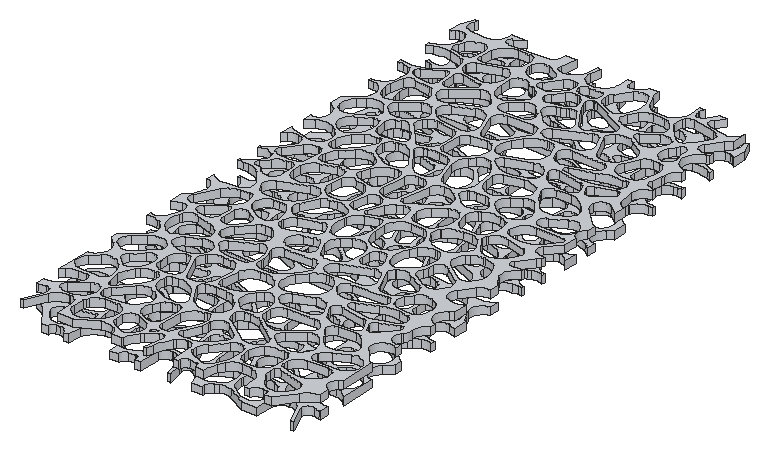
Revit family "Fam4", category Generic Models, Revit 2021 (continued)
Forms (mm)
  Extrusion 2, solid, material <- "Material"
    sketch origin (-50371.083, 4143.12, 500) x (-1, 0, 0) y (0, -1, 0)
      loop
        line (-52650.485, -1193.384) -> (-53447.662, -1565.114)
        arc (-53447.662, -1565.114) -> (-53505.79, -1630.816) -> (-53497.382, -1718.137) r 110
        line (-53497.382, -1718.137) -> (-53468.02, -1771.107)
        arc (-53468.02, -1771.107) -> (-53357.994, -1880.74) -> (-53206.466, -1914.864) r 280
        line (-53206.466, -1914.864) -> (-52084.927, -1848.014)
      loop
        arc (-50748.208, -1640.947) -> (-50820.756, -1868.718) -> (-50742.939, -2094.743) r 380
        line (-50742.939, -2094.743) -> (-50702.382, -2147.922)
        arc (-50702.382, -2147.922) -> (-50573.724, -2250.809) -> (-50411.801, -2281.139) r 340
        line (-50411.801, -2281.139) -> (-49518.315, -2227.881)
        arc (-49518.315, -2227.881) -> (-49342.423, -2120.902) -> (-49332.018, -1915.295) r 220
        line (-49332.018, -1915.295) -> (-49406.476, -1755.618)
        arc (-49406.476, -1755.618) -> (-49450.971, -1613.11) -> (-49456.232, -1463.909) r 560
        line (-49456.232, -1463.909) -> (-49443.608, -1336.099)
        arc (-49443.608, -1336.099) -> (-49526.543, -1088.007) -> (-49766.859, -984.682) r 320
        line (-49766.859, -984.682) -> (-49876.92, -986.333)
        arc (-49876.92, -986.333) -> (-50233.447, -1076.182) -> (-50512.131, -1316.015) r 800
        line (-50512.131, -1316.015) -> (-50748.208, -1640.947)
      loop
        arc (-49344.33, -1348.33) -> (-49335.687, -1593.446) -> (-49262.588, -1827.568) r 920
        line (-49262.588, -1827.568) -> (-49223.681, -1911.003)
        arc (-49223.681, -1911.003) -> (-49055.903, -2059.139) -> (-48833.182, -2037.014) r 280
        line (-48833.182, -2037.014) -> (-48124.791, -1640.604)
        arc (-48124.791, -1640.604) -> (-48016.182, -1490.162) -> (-48061.252, -1310.169) r 220
        line (-48061.252, -1310.169) -> (-48115.297, -1243.43)
        arc (-48115.297, -1243.43) -> (-48326.562, -1073.707) -> (-48589.125, -1006.628) r 640
        line (-48589.125, -1006.628) -> (-49026.105, -990.541)
        arc (-49026.105, -990.541) -> (-49234.455, -1064.356) -> (-49335.689, -1260.85) r 300
        line (-49335.689, -1260.85) -> (-49344.33, -1348.33)
      loop
        arc (-48543.602, -908.236) -> (-48325.419, -862.183) -> (-48154.53, -718.929) r 460
        line (-48154.53, -718.929) -> (-48115.325, -664.967)
        arc (-48115.325, -664.967) -> (-48048.228, -487.869) -> (-48080.3, -301.222) r 360
        line (-48080.3, -301.222) -> (-48450.104, 491.826)
        arc (-48450.104, 491.826) -> (-48534.262, 579.899) -> (-48654.61, 598.761) r 190
        line (-48654.61, 598.761) -> (-48721.501, 587.219)
        arc (-48721.501, 587.219) -> (-48833.309, 558.111) -> (-48938.692, 510.755) r 690
        line (-48938.692, 510.755) -> (-49008.403, 472.114)
        arc (-49008.403, 472.114) -> (-49134.692, 355.006) -> (-49192.128, 192.636) r 360
        line (-49192.128, 192.636) -> (-49245.845, -351.217)
        arc (-49245.845, -351.217) -> (-49124.902, -729.217) -> (-48766.661, -900.024) r 500
        line (-48766.661, -900.024) -> (-48543.602, -908.236)
      loop
        arc (-47929.356, 705.714) -> (-48203.459, 555.337) -> (-48223.907, 243.364) r 325
        line (-48223.907, 243.364) -> (-47992.146, -253.649)
        arc (-47992.146, -253.649) -> (-47872.157, -376.63) -> (-47701.663, -397.918) r 260
        line (-47701.663, -397.918) -> (-47699.727, -397.5)
        arc (-47699.727, -397.5) -> (-47465.46, -248.303) -> (-47384.82, 17.475) r 400
        line (-47384.82, 17.475) -> (-47403.567, 329.69)
        arc (-47403.567, 329.69) -> (-47528.613, 596.91) -> (-47802.848, 705.714) r 400
        line (-47802.848, 705.714) -> (-47929.356, 705.714)
      loop
        arc (-49791.143, -885.035) -> (-49499.865, -768.918) -> (-49359.874, -488.333) r 440
        line (-49359.874, -488.333) -> (-49302.914, 88.362)
        arc (-49302.914, 88.362) -> (-49365.804, 284.922) -> (-49552.09, 373.742) r 260
        line (-49552.09, 373.742) -> (-49611.862, 375.942)
        arc (-49611.862, 375.942) -> (-49941.839, 319.724) -> (-50221.857, 136.325) r 820
        line (-50221.857, 136.325) -> (-50484.596, -126.414)
        arc (-50484.596, -126.414) -> (-50589.544, -362.131) -> (-50509.81, -607.528) r 360
        line (-50509.81, -607.528) -> (-50462.751, -665.64)
        arc (-50462.751, -665.64) -> (-50250.701, -831.522) -> (-49987.462, -887.981) r 600
        line (-49987.462, -887.981) -> (-49791.143, -885.035)
      loop
        arc (-51179.776, 382.707) -> (-51153.391, 229.156) -> (-51077.264, 93.219) r 460
        line (-51077.264, 93.219) -> (-50958.802, -53.068)
        arc (-50958.802, -53.068) -> (-50770.351, -149.089) -> (-50572.896, -73.293) r 260
        line (-50572.896, -73.293) -> (-50427.437, 72.166)
        arc (-50427.437, 72.166) -> (-50275.133, 439.862) -> (-50427.437, 807.557) r 520
        line (-50427.437, 807.557) -> (-50523.018, 903.138)
        arc (-50523.018, 903.138) -> (-50608.905, 956.249) -> (-50709.473, 965.395) r 220
        line (-50709.473, 965.395) -> (-50990.667, 925.516)
        arc (-50990.667, 925.516) -> (-51125.903, 851.925) -> (-51179.776, 707.696) r 220
        line (-51179.776, 707.696) -> (-51179.776, 382.707)
      loop
        arc (-51583.029, 233.662) -> (-51367.657, 332.95) -> (-51279.776, 553.223) r 320
        line (-51279.776, 553.223) -> (-51279.776, 743.391)
        arc (-51279.776, 743.391) -> (-51316.834, 897.748) -> (-51419.929, 1018.457) r 340
        line (-51419.929, 1018.457) -> (-51743.302, 1253.401)
        arc (-51743.302, 1253.401) -> (-51964.328, 1322.032) -> (-52181.46, 1241.928) r 360
        line (-52181.46, 1241.928) -> (-52835.768, 712.079)
        arc (-52835.768, 712.079) -> (-52915.435, 569.823) -> (-52875.301, 411.795) r 220
        line (-52875.301, 411.795) -> (-52850.032, 377.014)
        arc (-52850.032, 377.014) -> (-52675.919, 232.206) -> (-52453.81, 188.026) r 460
        line (-52453.81, 188.026) -> (-51583.029, 233.662)
      loop
        arc (-53475.571, 1588.593) -> (-53511.206, 1381.207) -> (-53436.655, 1184.432) r 400
        line (-53436.655, 1184.432) -> (-53267.468, 951.566)
        arc (-53267.468, 951.566) -> (-53036.782, 814.322) -> (-52778.434, 887.184) r 340
        line (-52778.434, 887.184) -> (-52334.122, 1246.981)
        arc (-52334.122, 1246.981) -> (-52230.427, 1471.911) -> (-52345.751, 1691.106) r 280
        line (-52345.751, 1691.106) -> (-52490.576, 1796.328)
        arc (-52490.576, 1796.328) -> (-52631.98, 1874.603) -> (-52788.168, 1916.164) r 660
        line (-52788.168, 1916.164) -> (-52895.592, 1931.008)
        arc (-52895.592, 1931.008) -> (-53227.725, 1870.356) -> (-53458.918, 1624.306) r 540
        line (-53458.918, 1624.306) -> (-53475.571, 1588.593)
      loop
        arc (-53431.688, 1007.465) -> (-53681.21, 1175.769) -> (-53980.539, 1144.309) r 440
        line (-53980.539, 1144.309) -> (-54290.277, 993.239)
        arc (-54290.277, 993.239) -> (-54430.138, 815.827) -> (-54378.359, 595.929) r 260
        line (-54378.359, 595.929) -> (-54104.991, 258.348)
        arc (-54104.991, 258.348) -> (-53964.235, 150.342) -> (-53789.788, 118.01) r 380
        line (-53789.788, 118.01) -> (-53226.934, 147.508)
        arc (-53226.934, 147.508) -> (-53039.879, 272.494) -> (-53060.464, 496.52) r 220
        line (-53060.464, 496.52) -> (-53431.688, 1007.465)
      loop
        arc (-46659.577, -3962.082) -> (-46410.275, -3867.519) -> (-46232.962, -3668.386) r 560
        line (-46232.962, -3668.386) -> (-45874.367, -2991.41)
        arc (-45874.367, -2991.41) -> (-45927.562, -2699.195) -> (-46224.109, -2682.472) r 240
        line (-46224.109, -2682.472) -> (-47005.695, -3229.745)
        arc (-47005.695, -3229.745) -> (-47176.307, -3445.322) -> (-47200.634, -3719.166) r 480
        line (-47200.634, -3719.166) -> (-47183.309, -3803.83)
        arc (-47183.309, -3803.83) -> (-47088.291, -3950.573) -> (-46918.933, -3993.927) r 240
        line (-46918.933, -3993.927) -> (-46659.577, -3962.082)
      loop
        arc (-47676.622, -4086.96) -> (-47392.926, -3878.971) -> (-47421.995, -3528.403) r 360
        arc (-47421.995, -3528.403) -> (-47588.343, -3336.973) -> (-47796.079, -3191.497) r 1040
        line (-47796.079, -3191.497) -> (-47933.475, -3118.443)
        arc (-47933.475, -3118.443) -> (-48291.263, -3142.367) -> (-48428.624, -3473.603) r 340
        arc (-48428.624, -3473.603) -> (-48383.66, -3667.493) -> (-48313.748, -3853.846) r 1520
        arc (-48313.748, -3853.846) -> (-48128.39, -4056.209) -> (-47859.165, -4109.373) r 440
        line (-47859.165, -4109.373) -> (-47676.622, -4086.96)
      loop
        arc (-46454.986, -2722.057) -> (-46371.94, -2528.384) -> (-46508.437, -2367.841) r 200
        line (-46508.437, -2367.841) -> (-46710.59, -2302.79)
        arc (-46710.59, -2302.79) -> (-46997.071, -2348.788) -> (-47128.613, -2607.407) r 320
        line (-47128.613, -2607.407) -> (-47128.613, -3001.637)
        arc (-47128.613, -3001.637) -> (-47074.788, -3090.338) -> (-46971.255, -3083.553) r 100
        line (-46971.255, -3083.553) -> (-46454.986, -2722.057)
      loop
        arc (-47581.286, -3192.448) -> (-47345.004, -3186.26) -> (-47228.613, -2980.54) r 240
        line (-47228.613, -2980.54) -> (-47228.613, -2560.511)
        arc (-47228.613, -2560.511) -> (-47395.437, -2317.78) -> (-47681.831, -2386.537) r 260
        line (-47681.831, -2386.537) -> (-47900.188, -2629.047)
        arc (-47900.188, -2629.047) -> (-47967.853, -2865.025) -> (-47823.559, -3063.629) r 280
        line (-47823.559, -3063.629) -> (-47581.286, -3192.448)
      loop
        arc (-46241.131, -1946.664) -> (-46212.58, -1511.066) -> (-46422.548, -1128.345) r 780
        line (-46422.548, -1128.345) -> (-46457.195, -1093.698)
        arc (-46457.195, -1093.698) -> (-46612.736, -1014.924) -> (-46784.736, -1043.461) r 280
        line (-46784.736, -1043.461) -> (-47504.939, -1419.338)
        arc (-47504.939, -1419.338) -> (-47618.563, -1569.685) -> (-47574.122, -1752.824) r 220
        line (-47574.122, -1752.824) -> (-47518.606, -1821.38)
        arc (-47518.606, -1821.38) -> (-47374.508, -1954.393) -> (-47198.444, -2040.754) r 680
        line (-47198.444, -2040.754) -> (-46665.486, -2212.254)
        arc (-46665.486, -2212.254) -> (-46426.777, -2195.052) -> (-46266.761, -2017.084) r 320
        line (-46266.761, -2017.084) -> (-46241.131, -1946.664)
      loop
        arc (-47113.287, -570.941) -> (-47334.491, -472.659) -> (-47576.545, -473.221) r 580
        line (-47576.545, -473.221) -> (-47716.95, -503.519)
        arc (-47716.95, -503.519) -> (-47884.45, -573.355) -> (-48015.991, -698.376) r 500
        line (-48015.991, -698.376) -> (-48048.464, -743.071)
        arc (-48048.464, -743.071) -> (-48117.094, -964.097) -> (-48036.99, -1181.229) r 360
        line (-48036.99, -1181.229) -> (-48023.789, -1197.532)
        arc (-48023.789, -1197.532) -> (-47782.701, -1344.461) -> (-47503.061, -1305.557) r 420
        line (-47503.061, -1305.557) -> (-47117.083, -1104.114)
        arc (-47117.083, -1104.114) -> (-46956.701, -860.232) -> (-47079.552, -595.451) r 300
        line (-47079.552, -595.451) -> (-47113.287, -570.941)
      loop
        arc (-45954.656, -265.796) -> (-45831.057, -6.664) -> (-45936.279, 260.458) r 360
        line (-45936.279, 260.458) -> (-45978.987, 303.166)
        arc (-45978.987, 303.166) -> (-46275.972, 426.181) -> (-46572.957, 303.166) r 420
        line (-46572.957, 303.166) -> (-47003.2, -127.077)
        arc (-47003.2, -127.077) -> (-47084.347, -347.035) -> (-46969.79, -551.591) r 280
        line (-46969.79, -551.591) -> (-46930.542, -580.106)
        arc (-46930.542, -580.106) -> (-46602.212, -678.922) -> (-46283.743, -551.866) r 520
        line (-46283.743, -551.866) -> (-45954.656, -265.796)
      loop
        arc (-47305.832, 370.406) -> (-47125.682, 125.406) -> (-46828.345, 189.199) r 280
        line (-46828.345, 189.199) -> (-46516.388, 501.156)
        arc (-46516.388, 501.156) -> (-46446.094, 670.862) -> (-46516.388, 840.567) r 240
        line (-46516.388, 840.567) -> (-46686.094, 1010.273)
        arc (-46686.094, 1010.273) -> (-46869.942, 1086.425) -> (-47053.789, 1010.273) r 260
        line (-47053.789, 1010.273) -> (-47092.439, 971.623)
        arc (-47092.439, 971.623) -> (-47261.034, 710.924) -> (-47307.85, 404.009) r 740
        line (-47307.85, 404.009) -> (-47305.832, 370.406)
      loop
        arc (-45755.603, 1261.942) -> (-45668.893, 1697.858) -> (-46038.445, 1944.784) r 400
        line (-46038.445, 1944.784) -> (-46618.651, 1944.784)
        arc (-46618.651, 1944.784) -> (-46836.524, 1840.658) -> (-46892.351, 1605.723) r 280
        line (-46892.351, 1605.723) -> (-46860.207, 1456.759)
        arc (-46860.207, 1456.759) -> (-46802.542, 1301.561) -> (-46703.378, 1168.979) r 580
        line (-46703.378, 1168.979) -> (-46558.815, 1024.415)
        arc (-46558.815, 1024.415) -> (-46275.972, 907.258) -> (-45993.129, 1024.415) r 400
        line (-45993.129, 1024.415) -> (-45755.603, 1261.942)
      loop
        arc (-47119.209, 2465.903) -> (-46942.235, 2291.991) -> (-46699.994, 2345.695) r 260
        line (-46699.994, 2345.695) -> (-46230.725, 2753.624)
        arc (-46230.725, 2753.624) -> (-46168.816, 2889.758) -> (-46231.158, 3025.695) r 180
        line (-46231.158, 3025.695) -> (-46274.806, 3063.394)
        arc (-46274.806, 3063.394) -> (-46332.744, 3097.677) -> (-46399, 3109.604) r 190
        line (-46399, 3109.604) -> (-46667.325, 3109.604)
        arc (-46667.325, 3109.604) -> (-47053.176, 2915.118) -> (-47126.351, 2489.265) r 480
        line (-47126.351, 2489.265) -> (-47119.209, 2465.903)
      loop
        arc (-47139.703, 3573.649) -> (-47336.688, 3918.301) -> (-47733.627, 3923.497) r 400
        line (-47733.627, 3923.497) -> (-47988.401, 3782.273)
        arc (-47988.401, 3782.273) -> (-48242.083, 3531.394) -> (-48328.127, 3185.14) r 660
        line (-48328.127, 3185.14) -> (-48326.118, 3118.513)
        arc (-48326.118, 3118.513) -> (-48205.468, 2860.305) -> (-47934.906, 2770.729) r 360
        line (-47934.906, 2770.729) -> (-47541.882, 2805.114)
        arc (-47541.882, 2805.114) -> (-47337.586, 2879.472) -> (-47197.839, 3046.016) r 420
        line (-47197.839, 3046.016) -> (-47162.189, 3122.467)
        arc (-47162.189, 3122.467) -> (-47145.392, 3171.949) -> (-47139.703, 3223.895) r 240
        line (-47139.703, 3223.895) -> (-47139.703, 3573.649)
      loop
        arc (-47260.564, 2586.224) -> (-47332.044, 2682.823) -> (-47448.386, 2712.912) r 180
        line (-47448.386, 2712.912) -> (-48052.693, 2660.042)
        arc (-48052.693, 2660.042) -> (-48295.771, 2577.528) -> (-48473.283, 2392.097) r 540
        line (-48473.283, 2392.097) -> (-48537.194, 2281.4)
        arc (-48537.194, 2281.4) -> (-48572.528, 1940.454) -> (-48342.063, 1686.726) r 420
        line (-48342.063, 1686.726) -> (-48194.896, 1622.224)
        arc (-48194.896, 1622.224) -> (-47950.025, 1597.564) -> (-47737.066, 1720.928) r 400
        line (-47737.066, 1720.928) -> (-47289.858, 2217.602)
        arc (-47289.858, 2217.602) -> (-47224.576, 2344.356) -> (-47230.174, 2486.823) r 280
        line (-47230.174, 2486.823) -> (-47260.564, 2586.224)
      loop
        line (-47075.889, 1982.179) -> (-47098.072, 2054.737)
        arc (-47098.072, 2054.737) -> (-47172.058, 2123.129) -> (-47268.017, 2092.413) r 100
        line (-47268.017, 2092.413) -> (-47732.448, 1576.609)
        arc (-47732.448, 1576.609) -> (-47844.516, 1410.462) -> (-47906.445, 1219.862) r 720
        line (-47906.445, 1219.862) -> (-47925.665, 1110.863)
        arc (-47925.665, 1110.863) -> (-47868.786, 898.59) -> (-47669.615, 805.714) r 260
        line (-47669.615, 805.714) -> (-47606.876, 805.714)
        arc (-47606.876, 805.714) -> (-47415.534, 843.775) -> (-47253.323, 952.161) r 500
        line (-47253.323, 952.161) -> (-47155.77, 1049.713)
        arc (-47155.77, 1049.713) -> (-47004.48, 1304.457) -> (-46993.534, 1600.538) r 600
        line (-46993.534, 1600.538) -> (-47075.889, 1982.179)
      loop
        arc (-48179.174, 782.276) -> (-48104.166, 821.061) -> (-48065.107, 895.927) r 140
        line (-48065.107, 895.927) -> (-48052.569, 967.028)
        arc (-48052.569, 967.028) -> (-48112.441, 1341.523) -> (-48390.93, 1598.961) r 580
        line (-48390.93, 1598.961) -> (-48721.45, 1743.825)
        arc (-48721.45, 1743.825) -> (-48852.304, 1780.199) -> (-48988.109, 1778.464) r 480
        line (-48988.109, 1778.464) -> (-49107.11, 1759.903)
        arc (-49107.11, 1759.903) -> (-49287.992, 1623.434) -> (-49274.675, 1397.237) r 240
        line (-49274.675, 1397.237) -> (-49076.655, 1074.568)
        arc (-49076.655, 1074.568) -> (-48768.51, 802.906) -> (-48361.018, 750.899) r 700
        line (-48361.018, 750.899) -> (-48179.174, 782.276)
      loop
        arc (-49087.921, 542.372) -> (-49001.103, 654.031) -> (-49021.772, 793.953) r 180
        line (-49021.772, 793.953) -> (-49340.324, 1313.024)
        arc (-49340.324, 1313.024) -> (-49626.017, 1566.949) -> (-50004.555, 1619.925) r 660
        line (-50004.555, 1619.925) -> (-50095.076, 1605.806)
        arc (-50095.076, 1605.806) -> (-50445.572, 1307.523) -> (-50338.395, 859.936) r 440
        line (-50338.395, 859.936) -> (-50128.667, 650.209)
        arc (-50128.667, 650.209) -> (-49950.323, 528.655) -> (-49739.883, 480.723) r 580
        line (-49739.883, 480.723) -> (-49388.582, 467.79)
        arc (-49388.582, 467.79) -> (-49237.765, 482.76) -> (-49096.486, 537.624) r 560
        line (-49096.486, 537.624) -> (-49087.921, 542.372)
      loop
        arc (-49073.31, 2959.129) -> (-49317.1, 2946.353) -> (-49442.834, 2737.096) r 260
        line (-49442.834, 2737.096) -> (-49476.414, 2096.355)
        arc (-49476.414, 2096.355) -> (-49397.544, 1905.629) -> (-49199.756, 1846.661) r 240
        line (-49199.756, 1846.661) -> (-49035.077, 1872.347)
        arc (-49035.077, 1872.347) -> (-48895.226, 1927.856) -> (-48793.026, 2038.285) r 340
        line (-48793.026, 2038.285) -> (-48673.689, 2244.984)
        arc (-48673.689, 2244.984) -> (-48635.104, 2597.294) -> (-48868.788, 2863.759) r 440
        line (-48868.788, 2863.759) -> (-49073.31, 2959.129)
      loop
        arc (-50908.077, 1811.378) -> (-50616.38, 1788.421) -> (-50463.498, 2037.903) r 280
        line (-50463.498, 2037.903) -> (-50463.498, 2096.052)
        arc (-50463.498, 2096.052) -> (-50452.001, 2201.025) -> (-50418.057, 2301.021) r 485
        line (-50418.057, 2301.021) -> (-50177.372, 2817.172)
        arc (-50177.372, 2817.172) -> (-50192.826, 3013.534) -> (-50369.101, 3101.421) r 200
        line (-50369.101, 3101.421) -> (-50587.622, 3089.969)
        arc (-50587.622, 3089.969) -> (-50912.853, 3007.371) -> (-51181.718, 2806.6) r 860
        line (-51181.718, 2806.6) -> (-51392.276, 2572.751)
        arc (-51392.276, 2572.751) -> (-51467.689, 2340.653) -> (-51345.668, 2129.307) r 300
        line (-51345.668, 2129.307) -> (-50908.077, 1811.378)
      loop
        arc (-49534.337, 2901.84) -> (-49598.472, 3068.917) -> (-49765.55, 3133.052) r 220
        line (-49765.55, 3133.052) -> (-49815.593, 3130.429)
        arc (-49815.593, 3130.429) -> (-49906.827, 3099.903) -> (-49969.308, 3026.747) r 180
        line (-49969.308, 3026.747) -> (-50298.382, 2321.046)
        arc (-50298.382, 2321.046) -> (-50347.023, 2177.752) -> (-50363.498, 2027.326) r 695
        line (-50363.498, 2027.326) -> (-50363.498, 1945.484)
        arc (-50363.498, 1945.484) -> (-50279.58, 1763.17) -> (-50086.511, 1708.351) r 240
        line (-50086.511, 1708.351) -> (-50009.909, 1720.299)
        arc (-50009.909, 1720.299) -> (-49704.021, 1885.685) -> (-49570.759, 2206.872) r 520
        line (-49570.759, 2206.872) -> (-49534.337, 2901.84)
      loop
        arc (-49268.58, 3693.595) -> (-49368.552, 3376.523) -> (-49166.164, 3112.766) r 360
        line (-49166.164, 3112.766) -> (-48797.916, 2941.049)
        arc (-48797.916, 2941.049) -> (-48545.05, 2959.537) -> (-48428.153, 3184.522) r 260
        line (-48428.153, 3184.522) -> (-48436.585, 3464.253)
        arc (-48436.585, 3464.253) -> (-48467.638, 3570.483) -> (-48546.485, 3648.15) r 220
        line (-48546.485, 3648.15) -> (-48873.6, 3837.01)
        arc (-48873.6, 3837.01) -> (-49024.926, 3867.111) -> (-49163.305, 3798.869) r 240
        line (-49163.305, 3798.869) -> (-49268.58, 3693.595)
      loop
        arc (-49707.146, 3308.819) -> (-49719.494, 3263.369) -> (-49680.025, 3237.671) r 40
        line (-49680.025, 3237.671) -> (-49608.74, 3241.407)
        arc (-49608.74, 3241.407) -> (-49544.802, 3270.883) -> (-49518.712, 3336.277) r 95
        line (-49518.712, 3336.277) -> (-49518.712, 3355.764)
        arc (-49518.712, 3355.764) -> (-49547.082, 3400.843) -> (-49599.998, 3394.767) r 50
        line (-49599.998, 3394.767) -> (-49707.146, 3308.819)
      loop
        arc (-51145.084, 2996.733) -> (-51049.866, 3152.115) -> (-51016.657, 3331.299) r 500
        line (-51016.657, 3331.299) -> (-51016.657, 3442.055)
        arc (-51016.657, 3442.055) -> (-51047.978, 3549.515) -> (-51132.133, 3623.317) r 200
        line (-51132.133, 3623.317) -> (-51581.295, 3832.765)
        arc (-51581.295, 3832.765) -> (-51764.809, 3840.777) -> (-51900.238, 3716.679) r 240
        line (-51900.238, 3716.679) -> (-52000.003, 3502.732)
        arc (-52000.003, 3502.732) -> (-52100.775, 3178.193) -> (-52111.152, 2838.528) r 1260
        line (-52111.152, 2838.528) -> (-52100.189, 2734.215)
        arc (-52100.189, 2734.215) -> (-51880.827, 2463.326) -> (-51544.135, 2553.542) r 320
        line (-51544.135, 2553.542) -> (-51145.084, 2996.733)
      loop
        arc (-51615.878, 2202.018) -> (-51712.389, 2252.795) -> (-51819.348, 2274.071) r 380
        line (-51819.348, 2274.071) -> (-51965.012, 2281.705)
        arc (-51965.012, 2281.705) -> (-52085.327, 2266.007) -> (-52192.158, 2208.483) r 335
        line (-52192.158, 2208.483) -> (-52216.3, 2189.117)
        arc (-52216.3, 2189.117) -> (-52328.502, 1947.943) -> (-52204.923, 1712.395) r 300
        line (-52204.923, 1712.395) -> (-51413.232, 1137.198)
        arc (-51413.232, 1137.198) -> (-51205.349, 1040.34) -> (-50976.313, 1028.553) r 600
        line (-50976.313, 1028.553) -> (-50817.743, 1051.041)
        arc (-50817.743, 1051.041) -> (-50699.127, 1121.111) -> (-50664.8, 1254.532) r 180
        line (-50664.8, 1254.532) -> (-50685.124, 1397.841)
        arc (-50685.124, 1397.841) -> (-50730.429, 1525.396) -> (-50821.909, 1625.166) r 340
        line (-50821.909, 1625.166) -> (-51615.878, 2202.018)
      loop
        arc (-52374.479, 2190.433) -> (-52225.839, 2388.048) -> (-52190.072, 2632.725) r 500
        line (-52190.072, 2632.725) -> (-52210.5, 2827.075)
        arc (-52210.5, 2827.075) -> (-52325.746, 3061.952) -> (-52565.505, 3166.663) r 380
        line (-52565.505, 3166.663) -> (-52766.313, 3178.793)
        arc (-52766.313, 3178.793) -> (-53085.956, 3067.749) -> (-53232.241, 2762.622) r 440
        line (-53232.241, 2762.622) -> (-53255.34, 2321.87)
        arc (-53255.34, 2321.87) -> (-53196.128, 2142.651) -> (-53031.287, 2050.71) r 260
        line (-53031.287, 2050.71) -> (-52926.771, 2036.267)
        arc (-52926.771, 2036.267) -> (-52636.608, 2055.452) -> (-52377.7, 2187.849) r 720
        line (-52377.7, 2187.849) -> (-52374.479, 2190.433)
      loop
        arc (-53614.663, 3700.332) -> (-53955.529, 3885.407) -> (-54302.646, 3712.34) r 420
        line (-54302.646, 3712.34) -> (-54453.358, 3504.903)
        arc (-54453.358, 3504.903) -> (-54489.443, 3269.176) -> (-54318.215, 3103.192) r 260
        line (-54318.215, 3103.192) -> (-53476.708, 2848.93)
        arc (-53476.708, 2848.93) -> (-53373.009, 2865.616) -> (-53322.164, 2957.521) r 120
        line (-53322.164, 2957.521) -> (-53314.484, 3104.057)
        arc (-53314.484, 3104.057) -> (-53329.184, 3238.278) -> (-53385.713, 3360.899) r 420
        line (-53385.713, 3360.899) -> (-53614.663, 3700.332)
      loop
        arc (-53709.432, 2069.825) -> (-53460.619, 2180.603) -> (-53349.841, 2429.416) r 380
        line (-53349.841, 2429.416) -> (-53343.77, 2545.248)
        arc (-53343.77, 2545.248) -> (-53379.854, 2670.699) -> (-53485.649, 2747.167) r 200
        line (-53485.649, 2747.167) -> (-53798.764, 2841.775)
        arc (-53798.764, 2841.775) -> (-54171.687, 2850.623) -> (-54496.203, 2666.669) r 700
        line (-54496.203, 2666.669) -> (-54616.947, 2545.925)
        arc (-54616.947, 2545.925) -> (-54678.879, 2211.772) -> (-54389.114, 2034.204) r 300
        line (-54389.114, 2034.204) -> (-53709.432, 2069.825)
      loop
        arc (-50701.692, -13178.367) -> (-50604.463, -13311.381) -> (-50456.113, -13383.064) r 340
        line (-50456.113, -13383.064) -> (-50366.651, -13401.702)
        arc (-50366.651, -13401.702) -> (-50205.116, -13390.726) -> (-50072.809, -13297.402) r 300
        line (-50072.809, -13297.402) -> (-49821.912, -12989.194)
        arc (-49821.912, -12989.194) -> (-49774.764, -12894.1) -> (-49773.241, -12787.971) r 240
        line (-49773.241, -12787.971) -> (-49779.154, -12760.042)
        arc (-49779.154, -12760.042) -> (-49877.343, -12619.324) -> (-50046.73, -12591.925) r 220
        line (-50046.73, -12591.925) -> (-50423.468, -12684.217)
        arc (-50423.468, -12684.217) -> (-50519.656, -12717.475) -> (-50608.069, -12767.887) r 550
        line (-50608.069, -12767.887) -> (-50680.278, -12818.449)
        arc (-50680.278, -12818.449) -> (-50757.398, -12925.717) -> (-50750.811, -13057.665) r 200
        line (-50750.811, -13057.665) -> (-50701.692, -13178.367)
      loop
        arc (-54611.283, -690.383) -> (-54621.924, -864.362) -> (-54454.798, -913.867) r 140
        line (-54454.798, -913.867) -> (-53904.883, -691.688)
        arc (-53904.883, -691.688) -> (-53791.276, -573.012) -> (-53804.881, -409.289) r 200
        line (-53804.881, -409.289) -> (-53893.372, -249.648)
        arc (-53893.372, -249.648) -> (-54030.427, -158.07) -> (-54184.569, -216.47) r 180
        line (-54184.569, -216.47) -> (-54611.283, -690.383)
      loop
        arc (-54557.074, -7312.761) -> (-54944.131, -7813.694) -> (-54361.741, -8061.824) r 400
        line (-54361.741, -8061.824) -> (-53893.235, -7799.652)
        arc (-53893.235, -7799.652) -> (-53768.615, -7507.155) -> (-54020.202, -7312.761) r 260
        line (-54020.202, -7312.761) -> (-54557.074, -7312.761)
      loop
        arc (-53501.085, -6653.379) -> (-53566.983, -6521.208) -> (-53694.235, -6446.25) r 260
        line (-53694.235, -6446.25) -> (-53953.051, -6381.72)
        arc (-53953.051, -6381.72) -> (-54349.727, -6395.573) -> (-54678.786, -6617.526) r 720
        line (-54678.786, -6617.526) -> (-54985.263, -6982.771)
        arc (-54985.263, -6982.771) -> (-55004.9, -7131.928) -> (-54878.017, -7212.761) r 140
        line (-54878.017, -7212.761) -> (-53950.657, -7212.761)
        arc (-53950.657, -7212.761) -> (-53598.277, -7048.444) -> (-53497.646, -6672.883) r 460
        line (-53497.646, -6672.883) -> (-53501.085, -6653.379)
      loop
        arc (-54638.868, 1926.555) -> (-55041.825, 1376.991) -> (-54422.957, 1091.688) r 440
        line (-54422.957, 1091.688) -> (-53955.393, 1319.735)
        arc (-53955.393, 1319.735) -> (-53801.46, 1430.55) -> (-53693.348, 1586.393) r 560
        line (-53693.348, 1586.393) -> (-53689.942, 1593.699)
        arc (-53689.942, 1593.699) -> (-53710.032, 1848.97) -> (-53939.189, 1963.223) r 260
        line (-53939.189, 1963.223) -> (-54638.868, 1926.555)
      loop
        arc (-54037.619, -12629.774) -> (-53985.179, -12356.118) -> (-54115.548, -12109.863) r 420
        arc (-54115.548, -12109.863) -> (-54459.032, -12081.357) -> (-54569.943, -12407.69) r 280
        line (-54569.943, -12407.69) -> (-54515.508, -12563.873)
        arc (-54515.508, -12563.873) -> (-54496.789, -12663.467) -> (-54508.255, -12764.154) r 340
        arc (-54508.255, -12764.154) -> (-54419.067, -12960.922) -> (-54208.809, -12911.286) r 170
        arc (-54208.809, -12911.286) -> (-54179.349, -12869.992) -> (-54152.481, -12826.965) r 825
        line (-54152.481, -12826.965) -> (-54037.619, -12629.774)
    from 0 to 250
